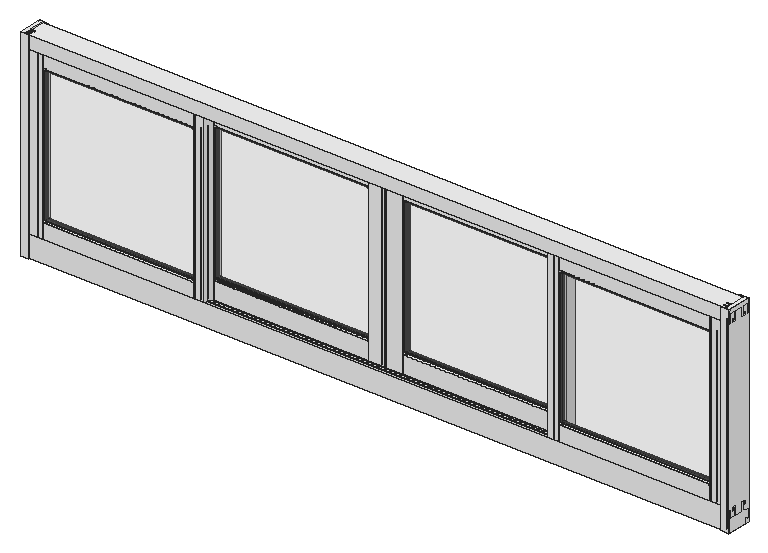
Revit family
Parameters (values of type "EHSW2106 XXXX")
  Height = 590 mm
  Head Height = 2125 mm
  Default Sill Height = Head Height - Height  # 1535 mm
  Wall Closure = (empty or 0)
  Width = 2090 mm
Reference planes
  plane 1 "Center (Front/Back)": y = 0
  plane 2 "Center (Left/Right)": x = 0
  plane 3 "Left": x = -1045
  plane 4 "Right": x = 1045
  plane 5 "Sill": z = 1535
  plane 6 "Head": z = 2125
  plane 7 "Exterior": y = 115
  plane 8 "Interior": y = -115
  plane 9: y = -30.5
  plane 10: x = -522.5
  plane 11: x = 522.5
  plane 12: z = 1830
Forms (mm)
  Sweep 1, solid, material "Default Frame"
    path origin (0, 100, 0) x (1, 0, 0) y (0, 0, 1)
      loop
        line (1045, 2125) -> (-1045, 2125)
    profile origin (0, 100, 2125) x (0, 0, -1) y (0, -1, 0)
      loop
        line (0, 133.5) -> (0, 66.5) -> (38, 66.5) -> (38, 68) -> (11.9, 68) -> (11.9, 85.6) -> (36.6, 85.6) -> (36.6, 79.4) -> (29, 79.4) -> (29, 78) -> (38, 78) -> (38, 87) -> (11.9, 87) -> (11.9, 113) -> (38, 113) -> (38, 122) -> (29, 122) -> (29, 120.6) -> (36.6, 120.6) -> (36.6, 114.4) -> (11.9, 114.4) -> (11.9, 132) -> (38, 132) -> (38, 133.5) -> (0, 133.5)
  Extrusion 2, solid, material "Glass"
    sketch origin (-38.22, 19, 49.421) x (-1, 0, 0) y (0, 0, -1)
      loop
        line (476.831, -2001.17) -> (476.831, -1585.988) -> (4.188, -1585.988) -> (4.188, -2001.17) -> (476.831, -2001.17)
    from 0 to 3
  Sweep 3, solid, material "Rubber seal"
    path origin (67.649, -80.5, 5.869) x (-1, 0, 0) y (0, 0, 1)
      loop
        line (650.909, 2112.931) -> (42.599, 2112.931) -> (42.599, 1561.331) -> (650.909, 1561.331) -> (650.909, 2112.931)
    profile origin (-279.105, -80.5, 2118.8) x (0, 0, -1) y (0, 1, 0)
      loop
        line (75.293, 102.922) -> (68.209, 102.922) -> (68.209, 99.5) -> (78.715, 99.5) -> (75.293, 102.922)
      loop
        line (78.715, 96.5) -> (68.209, 96.5) -> (68.209, 92.922) -> (76.245, 92.922) -> (78.715, 96.5)
  Sweep 4, solid, material "Default Frame"
    path origin (0, 100, 0) x (1, 0, 0) y (0, 0, 1)
      loop
        line (-1045, 1535) -> (-1045, 2125)
    profile origin (-1045, 100, 1830) x (-1, 0, 0) y (0, -1, 0)
      loop
        line (0, 64.85) -> (0, 135.15) -> (-24.5, 135.15) -> (-24.5, 133.65) -> (-11.5, 133.65) -> (-11.5, 126) -> (-17, 126) -> (-24.5, 123.5) -> (-24.5, 122.182) -> (-18.2, 124.282) -> (-18.2, 122.25) -> (-16.936, 122.25)
        arc (-16.936, 122.25) -> (-16.581, 123.975) -> (-15, 124.75) r 2
        line (-15, 124.75) -> (-11.5, 124.75) -> (-11.5, 110.25) -> (-15, 110.25)
        arc (-15, 110.25) -> (-16.581, 111.025) -> (-16.936, 112.75) r 2
        line (-16.936, 112.75) -> (-18.2, 112.75) -> (-18.2, 110.718) -> (-24.5, 112.818) -> (-24.5, 111.5) -> (-17, 109) -> (-11.5, 109) -> (-11.5, 66.35) -> (-24.5, 66.35) -> (-24.5, 64.85) -> (0, 64.85)
  Sweep 5, solid, material "Default Frame"
    path origin (0, 100, 0) x (1, 0, 0) y (0, 0, 1)
      loop
        line (1045, 1535) -> (-1045, 1535)
    profile origin (0, 100, 1535) x (0, 0, -1) y (0, -1, 0)
      loop
        line (-61.796, 113) -> (-37, 113) -> (-37, 87) -> (-61.794, 87) -> (-62.979, 82.578) -> (-61.796, 78) -> (-54, 78) -> (-54, 79.4) -> (-60.72, 79.4) -> (-61.53, 82.422) -> (-60.723, 85.6) -> (-37, 85.6) -> (-37, 80.77) -> (-35, 66.5) -> (-11.5, 66.5) -> (-11.5, 67.9) -> (-15, 67.9) -> (-15, 78.5) -> (0, 78.5) -> (0, 133.5) -> (-63, 133.5) -> (-63, 132.1) -> (-37, 132.1) -> (-37, 114.4) -> (-60.72, 114.4) -> (-61.53, 117.422) -> (-60.723, 120.6) -> (-54, 120.6) -> (-54, 122) -> (-61.794, 122) -> (-62.979, 117.578) -> (-61.796, 113)
  Sweep 6, solid, material "Default Frame"
    path origin (0, 100, 395) x (1, 0, 0) y (0, 0, 1)
      loop
        line (-49, 1535) -> (-508.5, 1535)
    profile origin (-278.75, 100, 1930) x (0, 0, -1) y (0, -1, 0)
      loop
        line (-167, 93.928) -> (-167, 89.678) -> (-157, 89.678) -> (-157, 92.478) -> (-127.5, 92.478) -> (-127.5, 72.678) -> (-157, 72.678) -> (-157, 75.478) -> (-167, 75.478) -> (-167, 71.228) -> (-117, 71.228)
        arc (-117, 71.228) -> (-114.172, 72.399) -> (-113, 75.228) r 4
        line (-113, 75.228) -> (-113, 77.578) -> (-118.866, 77.578)
        arc (-118.866, 77.578) -> (-118.866, 76.578) -> (-118, 76.078) r 1
        line (-118, 76.078) -> (-114.596, 76.078)
        arc (-114.596, 76.078) -> (-114.918, 73.755) -> (-117, 72.678) r 2.55
        line (-117, 72.678) -> (-126.05, 72.678) -> (-126.05, 92.478) -> (-117, 92.478)
        arc (-117, 92.478) -> (-114.918, 91.4) -> (-114.596, 89.078) r 2.55
        line (-114.596, 89.078) -> (-118, 89.078)
        arc (-118, 89.078) -> (-118.866, 88.578) -> (-118.866, 87.578) r 1
        line (-118.866, 87.578) -> (-113, 87.578) -> (-113, 89.928)
        arc (-113, 89.928) -> (-114.172, 92.756) -> (-117, 93.928) r 4
        line (-117, 93.928) -> (-167, 93.928)
  Sweep 7, solid, material "Default Frame"
    path origin (-1269.25, -100, 0) x (-1, 0, 0) y (0, 0, 1)
      loop
        line (-1195, 1589) -> (-1195, 2097)
    profile origin (-74.25, -100, 1843) x (1, 0, 0) y (0, 1, 0)
      loop
        line (73.5, 130.5) -> (23.5, 130.5) -> (23.5, 129.2) -> (24.5, 129.2) -> (24.5, 122.5) -> (30.366, 122.5)
        arc (30.366, 122.5) -> (30.366, 123.5) -> (29.5, 124) r 1
        line (29.5, 124) -> (26, 124) -> (26, 129) -> (37.5, 129) -> (37.5, 106) -> (26, 106) -> (26, 111) -> (29.5, 111)
        arc (29.5, 111) -> (30.366, 111.5) -> (30.366, 112.5) r 1
        line (30.366, 112.5) -> (24.5, 112.5) -> (24.5, 105.8) -> (23.5, 105.8) -> (23.5, 104.5) -> (73.5, 104.5) -> (73.5, 108) -> (63.5, 108) -> (63.5, 106) -> (62, 106)
        arc (62, 106) -> (60.939, 106.439) -> (60.5, 107.5) r 1.5
        line (60.5, 107.5) -> (60.5, 127.5)
        arc (60.5, 127.5) -> (60.939, 128.561) -> (62, 129) r 1.5
        line (62, 129) -> (63.5, 129) -> (63.5, 127) -> (73.5, 127) -> (73.5, 130.5)
  Sweep 8, solid, material "Default Frame"
    path origin (36, -100, 0) x (1, 0, 0) y (0, 0, -1)
      loop
        line (-520, -1589) -> (-520, -2097)
    profile origin (-484, -100, 1843) x (1, 0, 0) y (0, 1, 0)
      loop
        line (-53.5, 130.5) -> (-53.5, 98) -> (-35, 98)
        arc (-35, 98) -> (-34.503, 98.443) -> (-34.887, 98.987) r 0.5
        line (-34.887, 98.987) -> (-43.5, 100.99) -> (-43.5, 104.5) -> (-23.5, 104.5) -> (-23.5, 105.8) -> (-24.5, 105.8) -> (-24.5, 112.5) -> (-30.366, 112.5)
        arc (-30.366, 112.5) -> (-30.366, 111.5) -> (-29.5, 111) r 1
        line (-29.5, 111) -> (-26, 111) -> (-26, 106) -> (-37.5, 106) -> (-37.5, 129) -> (-26, 129) -> (-26, 124) -> (-29.5, 124)
        arc (-29.5, 124) -> (-30.366, 123.5) -> (-30.366, 122.5) r 1
        line (-30.366, 122.5) -> (-24.5, 122.5) -> (-24.5, 129.2) -> (-23.5, 129.2) -> (-23.5, 130.5) -> (-53.5, 130.5)
  Extrusion 9, solid, material "Glass"
    sketch origin (38.22, -19, 49.421) x (1, 0, 0) y (0, 0, -1)
      loop
        line (-568.129, -2001.17) -> (-568.129, -1585.988) -> (-1029.311, -1585.988) -> (-1029.311, -2001.17) -> (-568.129, -2001.17)
    from 0 to 3
  Sweep 10, solid, material "Default Frame"
    path origin (85, 100, 0) x (1, 0, 0) y (0, 0, 1)
      loop
        line (-1045, 1589) -> (-1045, 2097)
    profile origin (-960, 100, 1843) x (-1, 0, 0) y (0, -1, 0)
      loop
        line (73.5, 130.5) -> (23.5, 130.5) -> (23.5, 129.2) -> (24.5, 129.2) -> (24.5, 122.5) -> (30.366, 122.5)
        arc (30.366, 122.5) -> (30.366, 123.5) -> (29.5, 124) r 1
        line (29.5, 124) -> (26, 124) -> (26, 129) -> (37.5, 129) -> (37.5, 106) -> (26, 106) -> (26, 111) -> (29.5, 111)
        arc (29.5, 111) -> (30.366, 111.5) -> (30.366, 112.5) r 1
        line (30.366, 112.5) -> (24.5, 112.5) -> (24.5, 105.8) -> (23.5, 105.8) -> (23.5, 104.5) -> (73.5, 104.5) -> (73.5, 108) -> (63.5, 108) -> (63.5, 106) -> (62, 106)
        arc (62, 106) -> (60.939, 106.439) -> (60.5, 107.5) r 1.5
        line (60.5, 107.5) -> (60.5, 127.5)
        arc (60.5, 127.5) -> (60.939, 128.561) -> (62, 129) r 1.5
        line (62, 129) -> (63.5, 129) -> (63.5, 127) -> (73.5, 127) -> (73.5, 130.5)
  Sweep 11, solid, material "Default Frame"
    path origin (-1231, 100, 0) x (-1, 0, 0) y (0, 0, -1)
      loop
        line (-670, -1589) -> (-670, -2097)
    profile origin (-561, 100, 1843) x (-1, 0, 0) y (0, -1, 0)
      loop
        line (-53.5, 130.5) -> (-53.5, 98) -> (-35, 98)
        arc (-35, 98) -> (-34.503, 98.443) -> (-34.887, 98.987) r 0.5
        line (-34.887, 98.987) -> (-43.5, 100.99) -> (-43.5, 104.5) -> (-23.5, 104.5) -> (-23.5, 105.8) -> (-24.5, 105.8) -> (-24.5, 112.5) -> (-30.366, 112.5)
        arc (-30.366, 112.5) -> (-30.366, 111.5) -> (-29.5, 111) r 1
        line (-29.5, 111) -> (-26, 111) -> (-26, 106) -> (-37.5, 106) -> (-37.5, 129) -> (-26, 129) -> (-26, 124) -> (-29.5, 124)
        arc (-29.5, 124) -> (-30.366, 123.5) -> (-30.366, 122.5) r 1
        line (-30.366, 122.5) -> (-24.5, 122.5) -> (-24.5, 129.2) -> (-23.5, 129.2) -> (-23.5, 130.5) -> (-53.5, 130.5)
  Sweep 12, solid, material "Default Frame"
    path origin (0, 100, 60) x (1, 0, 0) y (0, 0, 1)
      loop
        line (-49, 1535) -> (-508.5, 1535)
    profile origin (-278.75, 100, 1595) x (0, 0, -1) y (0, -1, 0)
      loop
        arc (-44, 93.928) -> (-46.828, 92.756) -> (-48, 89.928) r 4
        line (-48, 89.928) -> (-48, 87.578) -> (-42.134, 87.578)
        arc (-42.134, 87.578) -> (-42.134, 88.578) -> (-43, 89.078) r 1
        line (-43, 89.078) -> (-46.404, 89.078)
        arc (-46.404, 89.078) -> (-46.082, 91.4) -> (-44, 92.478) r 2.55
        line (-44, 92.478) -> (-34.95, 92.478) -> (-34.95, 72.678) -> (-44, 72.678)
        arc (-44, 72.678) -> (-46.082, 73.755) -> (-46.404, 76.078) r 2.55
        line (-46.404, 76.078) -> (-43, 76.078)
        arc (-43, 76.078) -> (-42.134, 76.578) -> (-42.134, 77.578) r 1
        line (-42.134, 77.578) -> (-48, 77.578) -> (-48, 75.228)
        arc (-48, 75.228) -> (-46.828, 72.399) -> (-44, 71.228) r 4
        line (-44, 71.228) -> (6, 71.228) -> (6, 75.478) -> (-4, 75.478) -> (-4, 72.678) -> (-33.45, 72.678) -> (-33.45, 92.478) -> (-4, 92.478) -> (-4, 89.678) -> (6, 89.678) -> (6, 93.928) -> (-44, 93.928)
  Sweep 13, solid, material "Default Frame"
    path origin (0, -100, 60) x (-1, 0, 0) y (0, 0, 1)
      loop
        line (984.5, 1535) -> (536.5, 1535)
    profile origin (-760.5, -100, 1595) x (0, 0, -1) y (0, 1, 0)
      loop
        arc (-44, 93.928) -> (-46.828, 92.756) -> (-48, 89.928) r 4
        line (-48, 89.928) -> (-48, 87.578) -> (-42.134, 87.578)
        arc (-42.134, 87.578) -> (-42.134, 88.578) -> (-43, 89.078) r 1
        line (-43, 89.078) -> (-46.404, 89.078)
        arc (-46.404, 89.078) -> (-46.082, 91.4) -> (-44, 92.478) r 2.55
        line (-44, 92.478) -> (-34.95, 92.478) -> (-34.95, 72.678) -> (-44, 72.678)
        arc (-44, 72.678) -> (-46.082, 73.755) -> (-46.404, 76.078) r 2.55
        line (-46.404, 76.078) -> (-43, 76.078)
        arc (-43, 76.078) -> (-42.134, 76.578) -> (-42.134, 77.578) r 1
        line (-42.134, 77.578) -> (-48, 77.578) -> (-48, 75.228)
        arc (-48, 75.228) -> (-46.828, 72.399) -> (-44, 71.228) r 4
        line (-44, 71.228) -> (6, 71.228) -> (6, 75.478) -> (-4, 75.478) -> (-4, 72.678) -> (-33.45, 72.678) -> (-33.45, 92.478) -> (-4, 92.478) -> (-4, 89.678) -> (6, 89.678) -> (6, 93.928) -> (-44, 93.928)
  Sweep 14, solid, material "Default Frame"
    path origin (0, -100, 395) x (-1, 0, 0) y (0, 0, 1)
      loop
        line (984.5, 1535) -> (536.5, 1535)
    profile origin (-760.5, -100, 1930) x (0, 0, -1) y (0, 1, 0)
      loop
        line (-167, 93.928) -> (-167, 89.678) -> (-157, 89.678) -> (-157, 92.478) -> (-127.5, 92.478) -> (-127.5, 72.678) -> (-157, 72.678) -> (-157, 75.478) -> (-167, 75.478) -> (-167, 71.228) -> (-117, 71.228)
        arc (-117, 71.228) -> (-114.172, 72.399) -> (-113, 75.228) r 4
        line (-113, 75.228) -> (-113, 77.578) -> (-118.866, 77.578)
        arc (-118.866, 77.578) -> (-118.866, 76.578) -> (-118, 76.078) r 1
        line (-118, 76.078) -> (-114.596, 76.078)
        arc (-114.596, 76.078) -> (-114.918, 73.755) -> (-117, 72.678) r 2.55
        line (-117, 72.678) -> (-126.05, 72.678) -> (-126.05, 92.478) -> (-117, 92.478)
        arc (-117, 92.478) -> (-114.918, 91.4) -> (-114.596, 89.078) r 2.55
        line (-114.596, 89.078) -> (-118, 89.078)
        arc (-118, 89.078) -> (-118.866, 88.578) -> (-118.866, 87.578) r 1
        line (-118.866, 87.578) -> (-113, 87.578) -> (-113, 89.928)
        arc (-113, 89.928) -> (-114.172, 92.756) -> (-117, 93.928) r 4
        line (-117, 93.928) -> (-167, 93.928)
  Sweep 15, solid, material "Rubber seal"
    path origin (-67.649, 80.5, 5.869) x (1, 0, 0) y (0, 0, 1)
      loop
        line (-394.051, 2112.931) -> (-991.651, 2112.931) -> (-991.651, 1561.331) -> (-394.051, 1561.331) -> (-394.051, 2112.931)
    profile origin (-760.5, 80.5, 2118.8) x (0, 0, -1) y (0, -1, 0)
      loop
        line (75.293, 102.922) -> (68.209, 102.922) -> (68.209, 99.5) -> (78.715, 99.5) -> (75.293, 102.922)
      loop
        line (78.715, 96.5) -> (68.209, 96.5) -> (68.209, 92.922) -> (76.245, 92.922) -> (78.715, 96.5)
  Sweep 16, solid, material "Default Frame"
    path origin (-1251.096, -100, 0) x (-1, 0, 0) y (0, 0, 1)
      loop
        line (-1195, 1589) -> (-1195, 2097)
    profile origin (-56.096, -100, 1843) x (1, 0, 0) y (0, 1, 0)
      loop
        line (49.846, 126) -> (42.346, 123.5) -> (42.346, 122.182) -> (48.646, 124.282) -> (48.646, 122.25) -> (49.91, 122.25)
        arc (49.91, 122.25) -> (50.265, 123.975) -> (51.846, 124.75) r 2
        line (51.846, 124.75) -> (55.346, 124.75) -> (55.346, 110.25) -> (51.846, 110.25)
        arc (51.846, 110.25) -> (50.265, 111.025) -> (49.91, 112.75) r 2
        line (49.91, 112.75) -> (48.646, 112.75) -> (48.646, 110.718) -> (42.346, 112.818) -> (42.346, 111.5) -> (49.846, 109) -> (55.346, 109) -> (55.346, 103.75) -> (56.846, 103.75) -> (56.846, 109.15) -> (59.846, 109.15) -> (59.846, 110.35) -> (56.846, 110.35) -> (56.846, 113.8) -> (69.846, 113.8) -> (69.846, 115) -> (57.346, 115) -> (57.346, 120) -> (69.846, 120) -> (69.846, 121.2) -> (56.846, 121.2) -> (56.846, 124.65) -> (59.846, 124.65) -> (59.846, 125.85) -> (56.846, 125.85) -> (56.846, 131.25) -> (55.346, 131.25) -> (55.346, 126) -> (49.846, 126)
  Extrusion 17, solid, material "Glass"
    sketch origin (38.22, 19, 49.421) x (1, 0, 0) y (0, 0, 1)
      loop
        line (476.831, 2001.17) -> (4.188, 2001.17) -> (4.188, 1585.988) -> (476.831, 1585.988) -> (476.831, 2001.17)
    from 0 to 3
  Sweep 18, solid, material "Rubber seal"
    path origin (-67.649, -80.5, 5.869) x (1, 0, 0) y (0, 0, -1)
      loop
        line (650.909, -2112.931) -> (650.909, -1561.331) -> (42.599, -1561.331) -> (42.599, -2112.931) -> (650.909, -2112.931)
    profile origin (279.105, -80.5, 2118.8) x (0, 0, 1) y (0, 1, 0)
      loop
        line (-75.293, 102.922) -> (-78.715, 99.5) -> (-68.209, 99.5) -> (-68.209, 102.922) -> (-75.293, 102.922)
      loop
        line (-78.715, 96.5) -> (-76.245, 92.922) -> (-68.209, 92.922) -> (-68.209, 96.5) -> (-78.715, 96.5)
  Sweep 19, solid, material "Default Frame"
    path origin (0, 100, 395) x (-1, 0, 0) y (0, 0, -1)
      loop
        line (-49, -1535) -> (-508.5, -1535)
    profile origin (278.75, 100, 1930) x (0, 0, 1) y (0, -1, 0)
      loop
        line (167, 93.928) -> (117, 93.928)
        arc (117, 93.928) -> (114.172, 92.756) -> (113, 89.928) r 4
        line (113, 89.928) -> (113, 87.578) -> (118.866, 87.578)
        arc (118.866, 87.578) -> (118.866, 88.578) -> (118, 89.078) r 1
        line (118, 89.078) -> (114.596, 89.078)
        arc (114.596, 89.078) -> (114.918, 91.4) -> (117, 92.478) r 2.55
        line (117, 92.478) -> (126.05, 92.478) -> (126.05, 72.678) -> (117, 72.678)
        arc (117, 72.678) -> (114.918, 73.755) -> (114.596, 76.078) r 2.55
        line (114.596, 76.078) -> (118, 76.078)
        arc (118, 76.078) -> (118.866, 76.578) -> (118.866, 77.578) r 1
        line (118.866, 77.578) -> (113, 77.578) -> (113, 75.228)
        arc (113, 75.228) -> (114.172, 72.399) -> (117, 71.228) r 4
        line (117, 71.228) -> (167, 71.228) -> (167, 75.478) -> (157, 75.478) -> (157, 72.678) -> (127.5, 72.678) -> (127.5, 92.478) -> (157, 92.478) -> (157, 89.678) -> (167, 89.678) -> (167, 93.928)
  Sweep 20, solid, material "Default Frame"
    path origin (1269.25, -100, 0) x (1, 0, 0) y (0, 0, -1)
      loop
        line (-1195, -1589) -> (-1195, -2097)
    profile origin (74.25, -100, 1843) x (1, 0, 0) y (0, 1, 0)
      loop
        line (-73.5, 130.5) -> (-73.5, 127) -> (-63.5, 127) -> (-63.5, 129) -> (-62, 129)
        arc (-62, 129) -> (-60.939, 128.561) -> (-60.5, 127.5) r 1.5
        line (-60.5, 127.5) -> (-60.5, 107.5)
        arc (-60.5, 107.5) -> (-60.939, 106.439) -> (-62, 106) r 1.5
        line (-62, 106) -> (-63.5, 106) -> (-63.5, 108) -> (-73.5, 108) -> (-73.5, 104.5) -> (-23.5, 104.5) -> (-23.5, 105.8) -> (-24.5, 105.8) -> (-24.5, 112.5) -> (-30.366, 112.5)
        arc (-30.366, 112.5) -> (-30.366, 111.5) -> (-29.5, 111) r 1
        line (-29.5, 111) -> (-26, 111) -> (-26, 106) -> (-37.5, 106) -> (-37.5, 129) -> (-26, 129) -> (-26, 124) -> (-29.5, 124)
        arc (-29.5, 124) -> (-30.366, 123.5) -> (-30.366, 122.5) r 1
        line (-30.366, 122.5) -> (-24.5, 122.5) -> (-24.5, 129.2) -> (-23.5, 129.2) -> (-23.5, 130.5) -> (-73.5, 130.5)
  Sweep 21, solid, material "Default Frame"
    path origin (-36, -100, 0) x (-1, 0, 0) y (0, 0, 1)
      loop
        line (-520, 1589) -> (-520, 2097)
    profile origin (484, -100, 1843) x (1, 0, 0) y (0, 1, 0)
      loop
        line (53.5, 130.5) -> (23.5, 130.5) -> (23.5, 129.2) -> (24.5, 129.2) -> (24.5, 122.5) -> (30.366, 122.5)
        arc (30.366, 122.5) -> (30.366, 123.5) -> (29.5, 124) r 1
        line (29.5, 124) -> (26, 124) -> (26, 129) -> (37.5, 129) -> (37.5, 106) -> (26, 106) -> (26, 111) -> (29.5, 111)
        arc (29.5, 111) -> (30.366, 111.5) -> (30.366, 112.5) r 1
        line (30.366, 112.5) -> (24.5, 112.5) -> (24.5, 105.8) -> (23.5, 105.8) -> (23.5, 104.5) -> (43.5, 104.5) -> (43.5, 100.99) -> (34.887, 98.987)
        arc (34.887, 98.987) -> (34.503, 98.443) -> (35, 98) r 0.5
        line (35, 98) -> (53.5, 98) -> (53.5, 130.5)
  Extrusion 22, solid, material "Glass"
    sketch origin (-38.22, -19, 49.421) x (-1, 0, 0) y (0, 0, 1)
      loop
        line (-568.129, 2001.17) -> (-1029.311, 2001.17) -> (-1029.311, 1585.988) -> (-568.129, 1585.988) -> (-568.129, 2001.17)
    from 0 to 3
  Sweep 23, solid, material "Default Frame"
    path origin (-85, 100, 0) x (-1, 0, 0) y (0, 0, -1)
      loop
        line (-1045, -1589) -> (-1045, -2097)
    profile origin (960, 100, 1843) x (-1, 0, 0) y (0, -1, 0)
      loop
        line (-73.5, 130.5) -> (-73.5, 127) -> (-63.5, 127) -> (-63.5, 129) -> (-62, 129)
        arc (-62, 129) -> (-60.939, 128.561) -> (-60.5, 127.5) r 1.5
        line (-60.5, 127.5) -> (-60.5, 107.5)
        arc (-60.5, 107.5) -> (-60.939, 106.439) -> (-62, 106) r 1.5
        line (-62, 106) -> (-63.5, 106) -> (-63.5, 108) -> (-73.5, 108) -> (-73.5, 104.5) -> (-23.5, 104.5) -> (-23.5, 105.8) -> (-24.5, 105.8) -> (-24.5, 112.5) -> (-30.366, 112.5)
        arc (-30.366, 112.5) -> (-30.366, 111.5) -> (-29.5, 111) r 1
        line (-29.5, 111) -> (-26, 111) -> (-26, 106) -> (-37.5, 106) -> (-37.5, 129) -> (-26, 129) -> (-26, 124) -> (-29.5, 124)
        arc (-29.5, 124) -> (-30.366, 123.5) -> (-30.366, 122.5) r 1
        line (-30.366, 122.5) -> (-24.5, 122.5) -> (-24.5, 129.2) -> (-23.5, 129.2) -> (-23.5, 130.5) -> (-73.5, 130.5)
  Sweep 24, solid, material "Default Frame"
    path origin (1231, 100, 0) x (1, 0, 0) y (0, 0, 1)
      loop
        line (-670, 1589) -> (-670, 2097)
    profile origin (561, 100, 1843) x (-1, 0, 0) y (0, -1, 0)
      loop
        line (53.5, 130.5) -> (23.5, 130.5) -> (23.5, 129.2) -> (24.5, 129.2) -> (24.5, 122.5) -> (30.366, 122.5)
        arc (30.366, 122.5) -> (30.366, 123.5) -> (29.5, 124) r 1
        line (29.5, 124) -> (26, 124) -> (26, 129) -> (37.5, 129) -> (37.5, 106) -> (26, 106) -> (26, 111) -> (29.5, 111)
        arc (29.5, 111) -> (30.366, 111.5) -> (30.366, 112.5) r 1
        line (30.366, 112.5) -> (24.5, 112.5) -> (24.5, 105.8) -> (23.5, 105.8) -> (23.5, 104.5) -> (43.5, 104.5) -> (43.5, 100.99) -> (34.887, 98.987)
        arc (34.887, 98.987) -> (34.503, 98.443) -> (35, 98) r 0.5
        line (35, 98) -> (53.5, 98) -> (53.5, 130.5)
  Sweep 25, solid, material "Default Frame"
    path origin (0, 100, 60) x (-1, 0, 0) y (0, 0, -1)
      loop
        line (-49, -1535) -> (-508.5, -1535)
    profile origin (278.75, 100, 1595) x (0, 0, 1) y (0, -1, 0)
      loop
        line (44, 93.928) -> (-6, 93.928) -> (-6, 89.678) -> (4, 89.678) -> (4, 92.478) -> (33.45, 92.478) -> (33.45, 72.678) -> (4, 72.678) -> (4, 75.478) -> (-6, 75.478) -> (-6, 71.228) -> (44, 71.228)
        arc (44, 71.228) -> (46.828, 72.399) -> (48, 75.228) r 4
        line (48, 75.228) -> (48, 77.578) -> (42.134, 77.578)
        arc (42.134, 77.578) -> (42.134, 76.578) -> (43, 76.078) r 1
        line (43, 76.078) -> (46.404, 76.078)
        arc (46.404, 76.078) -> (46.082, 73.755) -> (44, 72.678) r 2.55
        line (44, 72.678) -> (34.95, 72.678) -> (34.95, 92.478) -> (44, 92.478)
        arc (44, 92.478) -> (46.082, 91.4) -> (46.404, 89.078) r 2.55
        line (46.404, 89.078) -> (43, 89.078)
        arc (43, 89.078) -> (42.134, 88.578) -> (42.134, 87.578) r 1
        line (42.134, 87.578) -> (48, 87.578) -> (48, 89.928)
        arc (48, 89.928) -> (46.828, 92.756) -> (44, 93.928) r 4
  Sweep 26, solid, material "Default Frame"
    path origin (0, -100, 60) x (1, 0, 0) y (0, 0, -1)
      loop
        line (984.5, -1535) -> (536.5, -1535)
    profile origin (760.5, -100, 1595) x (0, 0, 1) y (0, 1, 0)
      loop
        line (44, 93.928) -> (-6, 93.928) -> (-6, 89.678) -> (4, 89.678) -> (4, 92.478) -> (33.45, 92.478) -> (33.45, 72.678) -> (4, 72.678) -> (4, 75.478) -> (-6, 75.478) -> (-6, 71.228) -> (44, 71.228)
        arc (44, 71.228) -> (46.828, 72.399) -> (48, 75.228) r 4
        line (48, 75.228) -> (48, 77.578) -> (42.134, 77.578)
        arc (42.134, 77.578) -> (42.134, 76.578) -> (43, 76.078) r 1
        line (43, 76.078) -> (46.404, 76.078)
        arc (46.404, 76.078) -> (46.082, 73.755) -> (44, 72.678) r 2.55
        line (44, 72.678) -> (34.95, 72.678) -> (34.95, 92.478) -> (44, 92.478)
        arc (44, 92.478) -> (46.082, 91.4) -> (46.404, 89.078) r 2.55
        line (46.404, 89.078) -> (43, 89.078)
        arc (43, 89.078) -> (42.134, 88.578) -> (42.134, 87.578) r 1
        line (42.134, 87.578) -> (48, 87.578) -> (48, 89.928)
        arc (48, 89.928) -> (46.828, 92.756) -> (44, 93.928) r 4
  Sweep 27, solid, material "Default Frame"
    path origin (0, -100, 395) x (1, 0, 0) y (0, 0, -1)
      loop
        line (984.5, -1535) -> (536.5, -1535)
    profile origin (760.5, -100, 1930) x (0, 0, 1) y (0, 1, 0)
      loop
        line (167, 93.928) -> (117, 93.928)
        arc (117, 93.928) -> (114.172, 92.756) -> (113, 89.928) r 4
        line (113, 89.928) -> (113, 87.578) -> (118.866, 87.578)
        arc (118.866, 87.578) -> (118.866, 88.578) -> (118, 89.078) r 1
        line (118, 89.078) -> (114.596, 89.078)
        arc (114.596, 89.078) -> (114.918, 91.4) -> (117, 92.478) r 2.55
        line (117, 92.478) -> (126.05, 92.478) -> (126.05, 72.678) -> (117, 72.678)
        arc (117, 72.678) -> (114.918, 73.755) -> (114.596, 76.078) r 2.55
        line (114.596, 76.078) -> (118, 76.078)
        arc (118, 76.078) -> (118.866, 76.578) -> (118.866, 77.578) r 1
        line (118.866, 77.578) -> (113, 77.578) -> (113, 75.228)
        arc (113, 75.228) -> (114.172, 72.399) -> (117, 71.228) r 4
        line (117, 71.228) -> (167, 71.228) -> (167, 75.478) -> (157, 75.478) -> (157, 72.678) -> (127.5, 72.678) -> (127.5, 92.478) -> (157, 92.478) -> (157, 89.678) -> (167, 89.678) -> (167, 93.928)
  Sweep 28, solid, material "Rubber seal"
    path origin (67.649, 80.5, 5.869) x (-1, 0, 0) y (0, 0, -1)
      loop
        line (-394.051, -2112.931) -> (-394.051, -1561.331) -> (-991.651, -1561.331) -> (-991.651, -2112.931) -> (-394.051, -2112.931)
    profile origin (760.5, 80.5, 2118.8) x (0, 0, 1) y (0, -1, 0)
      loop
        line (-75.293, 102.922) -> (-78.715, 99.5) -> (-68.209, 99.5) -> (-68.209, 102.922) -> (-75.293, 102.922)
      loop
        line (-78.715, 96.5) -> (-76.245, 92.922) -> (-68.209, 92.922) -> (-68.209, 96.5) -> (-78.715, 96.5)
  Sweep 29, solid, material "Default Frame"
    path origin (0, 100, 0) x (-1, 0, 0) y (0, 0, -1)
      loop
        line (-1045, -1535) -> (-1045, -2125)
    profile origin (1045, 100, 1830) x (-1, 0, 0) y (0, -1, 0)
      loop
        line (0, 64.85) -> (24.5, 64.85) -> (24.5, 66.35) -> (11.5, 66.35) -> (11.5, 109) -> (17, 109) -> (24.5, 111.5) -> (24.5, 112.818) -> (18.2, 110.718) -> (18.2, 112.75) -> (16.936, 112.75)
        arc (16.936, 112.75) -> (16.581, 111.025) -> (15, 110.25) r 2
        line (15, 110.25) -> (11.5, 110.25) -> (11.5, 124.75) -> (15, 124.75)
        arc (15, 124.75) -> (16.581, 123.975) -> (16.936, 122.25) r 2
        line (16.936, 122.25) -> (18.2, 122.25) -> (18.2, 124.282) -> (24.5, 122.182) -> (24.5, 123.5) -> (17, 126) -> (11.5, 126) -> (11.5, 133.65) -> (24.5, 133.65) -> (24.5, 135.15) -> (0, 135.15) -> (0, 64.85)
Lines and regions (mm)
  Opening 1
    outline origin (3500, -115, 0) x (1, 0, 0) y (0, 0, 1)
      loop
        line (-2455, 1535) -> (-2455, 2125) -> (-4545, 2125) -> (-4545, 1535) -> (-2455, 1535)
Text (mm)
  text "EXTERIOR" at (-1963.203, 1332.353, 0), in view "Ref. Level"
  text "INTERIOR" at (-1981.466, -818.386, 0), in view "Ref. Level"
  text "Exterior" at (0, 923.751, 2943.296), in view "Right"
  text "Exterior" at (0, 1040.484, 2685.409), in view "Left"
Dimensions and locks
  equal spacing: plane 3 "Left", plane 2 "Center (Left/Right)", plane 4 "Right"
  "Width": plane 3 "Left" to plane 4 "Right"
  "Height": plane 5 "Sill" to plane 6 "Head"
  "Default Sill Height": plane 5 "Sill" to level
  locked: plane 7 "Exterior" to host wall at 0
  locked: plane 8 "Interior" to host wall
  locked: Sweep 6 to Sweep 3 sketch curve at 75.8
  locked: Sweep 7 to Sweep 3 sketch curve at 75.8
  locked: Sweep 8 to Sweep 3 sketch curve at 75.76
  equal spacing: plane 3 "Left", plane 10, plane 2 "Center (Left/Right)"
  equal spacing: plane 2 "Center (Left/Right)", plane 11, plane 4 "Right"
  locked: Sweep 14 to Sweep 15 sketch curve at 75.8
  locked: Sweep 10 to Sweep 15 sketch curve at 75.8
  locked: Sweep 15 sketch curve to Sweep 13 at 75.8
  locked: Sweep 8 to Sweep 15 sketch curve at 75.8
  locked: Sweep 7 to plane 2 "Center (Left/Right)" at 13.75
  locked: Sweep 8 to plane 10 at 15
  locked: plane 10 to Sweep 11 at 15
  locked: Sweep 18 sketch curve to Sweep 19 at 75.8
  locked: Sweep 20 to Sweep 18 sketch curve at 75.8
  locked: Sweep 21 to Sweep 18 sketch curve at 75.76
  locked: Sweep 28 sketch curve to Sweep 27 at 75.8
  locked: Sweep 23 to Sweep 28 sketch curve at 75.8
  locked: Sweep 26 to Sweep 28 sketch curve at 75.8
  locked: Sweep 21 to Sweep 28 sketch curve at 75.8
  equal spacing: plane 3 "Left", nested 2, plane 10
  equal spacing: plane 10, nested 1, plane 2 "Center (Left/Right)"
  equal spacing: plane 2 "Center (Left/Right)", nested 3, plane 11
  equal spacing: plane 11, nested 4, plane 4 "Right"
  equal spacing: plane 5 "Sill", plane 12, plane 6 "Head"
  equal spacing: plane 11, nested 5, plane 4 "Right"
  equal spacing: plane 11, nested 6, plane 2 "Center (Left/Right)"
  equal spacing: plane 10, nested 8, plane 2 "Center (Left/Right)"
  equal spacing: plane 3 "Left", nested 7, plane 10
  aligned and locked: Sweep 15 to Extrusion 9
  aligned and locked: Sweep 3 to Extrusion 2
  aligned and locked: Sweep 28 to Extrusion 22
  aligned and locked: Sweep 18 to Extrusion 17
  aligned and locked: plane 12 to nested 5
  aligned and locked: nested 7 to plane 12
  aligned and locked: plane 12 to nested 8
  aligned and locked: nested 6 to plane 12
Automatic sketch dimensions
  Opening 1 sketch curve to plane 3 "Left" = 0 mm
  Opening 1 sketch curve to plane 4 "Right" = 0 mm
  Opening 1 sketch curve to plane 5 "Sill" = 0 mm
  Opening 1 sketch curve to plane 6 "Head" = 0 mm
  Sweep 1 sketch curve to plane 3 "Left" = 0 mm
  Sweep 1 sketch curve to plane 4 "Right" = 0 mm
  Sweep 1 sketch curve to plane 6 "Head" = 0 mm
  Sweep 1 sketch curve to profile plane = 0 mm
  Sweep 1 sketch curve to profile plane = 11.9 mm  (x2)
  Sweep 1 sketch curve to Sweep 1 sketch curve = 0 mm  (x3)
  Sweep 1 sketch curve to Sweep 1 sketch curve = 17.1 mm  (x2)
  Sweep 1 sketch curve to Sweep 1 sketch curve = 7.6 mm  (x2)
  Sweep 1 sketch curve to Sweep 1 sketch curve = 1.4 mm  (x6)
  profile plane to Sweep 1 sketch curve = 66.5 mm
  Sweep 1 sketch curve to Sweep 1 sketch curve = 1.5 mm  (x2)
  Sweep 1 sketch curve to Sweep 1 sketch curve = 10 mm  (x2)
  Sweep 1 sketch curve to Sweep 1 sketch curve = 6.2 mm  (x2)
  Sweep 1 sketch curve to Sweep 1 sketch curve = 26 mm
  plane 2 "Center (Left/Right)" to Extrusion 2 sketch curve = 42.409 mm
  Extrusion 2 sketch curve to plane 10 = 7.448 mm
  plane 6 "Head" to Extrusion 2 sketch curve = 74.409 mm
  Extrusion 2 sketch curve to plane 5 "Sill" = 100.409 mm
  Sweep 3 sketch curve to plane 5 "Sill" = 32.2 mm
  Sweep 3 sketch curve to profile plane = 68.209 mm
  Sweep 3 sketch curve to Sweep 3 sketch curve = 0 mm  (x2)
  Sweep 3 sketch curve to Sweep 3 sketch curve = 7.084 mm
  Sweep 3 sketch curve to Sweep 3 sketch curve = 8.036 mm
  Sweep 3 sketch curve to Sweep 3 sketch curve = 3.422 mm  (x2)
  profile plane to Sweep 3 sketch curve = 92.922 mm
  Sweep 3 sketch curve to Sweep 3 sketch curve = 3.578 mm
  Sweep 3 sketch curve to Sweep 3 sketch curve = 3 mm
  Sweep 4 sketch curve to plane 3 "Left" = 0 mm
  Sweep 4 sketch curve to plane 5 "Sill" = 0 mm
  Sweep 4 sketch curve to plane 6 "Head" = 0 mm
  Sweep 4 sketch curve to profile plane = 0 mm
  profile plane to Sweep 4 sketch curve = 11.5 mm  (x2)
  Sweep 4 sketch curve to Sweep 4 sketch curve = 0 mm  (x2)
  Sweep 4 sketch curve to Sweep 4 sketch curve = 3.5 mm  (x2)
  Sweep 4 sketch curve to Sweep 4 sketch curve = 1.936 mm  (x2)
  Sweep 4 sketch curve to Sweep 4 sketch curve = 2 mm  (x3)
  Sweep 4 sketch curve to Sweep 4 sketch curve = 1.264 mm
  Sweep 4 sketch curve to Sweep 4 sketch curve = 1.2 mm
  Sweep 4 sketch curve to Sweep 4 sketch curve = 6.3 mm  (x2)
  Sweep 4 sketch curve to Sweep 4 sketch curve = 13 mm
  profile plane to Sweep 4 sketch curve = 64.85 mm
  Sweep 4 sketch curve to Sweep 4 sketch curve = 1.5 mm  (x2)
  Sweep 4 sketch curve to Sweep 4 sketch curve = 42.65 mm
  Sweep 4 sketch curve to Sweep 4 sketch curve = 1.25 mm  (x2)
  Sweep 4 sketch curve to Sweep 4 sketch curve = 1.718 mm
  Sweep 4 sketch curve to Sweep 4 sketch curve = 0.782 mm
  Sweep 4 sketch curve to Sweep 4 sketch curve = 1.318 mm  (x2)
  Sweep 4 sketch curve to Sweep 4 sketch curve = 9.365 mm
  Sweep 4 sketch curve to Sweep 4 sketch curve = 0.068 mm
  Sweep 4 sketch curve to Sweep 4 sketch curve = 0.5 mm
  Sweep 4 sketch curve to Sweep 4 sketch curve = 2.032 mm
  Sweep 4 sketch curve to Sweep 4 sketch curve = 10.15 mm
  Sweep 5 sketch curve to plane 3 "Left" = 0 mm
  Sweep 5 sketch curve to plane 4 "Right" = 0 mm
  Sweep 5 sketch curve to plane 5 "Sill" = 0 mm
  Sweep 5 sketch curve to profile plane = 0 mm
  profile plane to Sweep 5 sketch curve = 11.5 mm
  Sweep 5 sketch curve to Sweep 5 sketch curve = 3.5 mm
  Sweep 5 sketch curve to Sweep 5 sketch curve = 20 mm
  profile plane to Sweep 5 sketch curve = 37 mm
  Sweep 5 sketch curve to Sweep 5 sketch curve = 0 mm  (x2)
  Sweep 5 sketch curve to Sweep 5 sketch curve = 17 mm  (x2)
  Sweep 5 sketch curve to Sweep 5 sketch curve = 6.72 mm  (x2)
  Sweep 5 sketch curve to Sweep 5 sketch curve = 0.003 mm  (x2)
  Sweep 5 sketch curve to Sweep 5 sketch curve = 0.81 mm  (x2)
  Sweep 5 sketch curve to Sweep 5 sketch curve = 1.071 mm  (x2)
  Sweep 5 sketch curve to Sweep 5 sketch curve = 1.076 mm  (x2)
  Sweep 5 sketch curve to Sweep 5 sketch curve = 1.449 mm  (x2)
  Sweep 5 sketch curve to Sweep 5 sketch curve = 1.206 mm
  profile plane to Sweep 5 sketch curve = 66.5 mm
  Sweep 5 sketch curve to Sweep 5 sketch curve = 1.4 mm  (x6)
  Sweep 5 sketch curve to Sweep 5 sketch curve = 11.5 mm
  Sweep 5 sketch curve to Sweep 5 sketch curve = 10.6 mm
  Sweep 5 sketch curve to Sweep 5 sketch curve = 14.27 mm
  Sweep 5 sketch curve to Sweep 5 sketch curve = 3.022 mm  (x2)
  Sweep 5 sketch curve to Sweep 5 sketch curve = 0.155 mm  (x2)
  Sweep 5 sketch curve to Sweep 5 sketch curve = 3.178 mm  (x2)
  Sweep 5 sketch curve to Sweep 5 sketch curve = 26 mm
  Sweep 5 sketch curve to Sweep 5 sketch curve = 17.7 mm
  Sweep 6 sketch curve to plane 10 = 14 mm
  plane 2 "Center (Left/Right)" to Sweep 6 sketch curve = 49 mm
  plane 6 "Head" to Sweep 6 sketch curve = 195 mm
  Sweep 6 sketch curve to Sweep 6 sketch curve = 0 mm  (x5)
  profile plane to Sweep 6 sketch curve = 167 mm
  Sweep 6 sketch curve to Sweep 6 sketch curve = 10 mm  (x3)
  Sweep 6 sketch curve to Sweep 6 sketch curve = 29.5 mm
  Sweep 6 sketch curve to Sweep 6 sketch curve = 1.45 mm  (x3)
  Sweep 6 sketch curve to Sweep 6 sketch curve = 7.184 mm  (x2)
  Sweep 6 sketch curve to Sweep 6 sketch curve = 0.866 mm  (x2)
  Sweep 6 sketch curve to Sweep 6 sketch curve = 1 mm  (x3)
  Sweep 6 sketch curve to Sweep 6 sketch curve = 2.404 mm  (x2)
  Sweep 6 sketch curve to Sweep 6 sketch curve = 1.596 mm  (x2)
  profile plane to Sweep 6 sketch curve = 71.228 mm
  Sweep 6 sketch curve to Sweep 6 sketch curve = 4.25 mm
  Sweep 6 sketch curve to Sweep 6 sketch curve = 0.5 mm
  Sweep 6 sketch curve to Sweep 6 sketch curve = 14.2 mm
  Sweep 6 sketch curve to Sweep 6 sketch curve = 0.85 mm
  Sweep 6 sketch curve to Sweep 6 sketch curve = 2.8 mm
  plane 6 "Head" to Sweep 7 sketch curve = 28 mm
  plane 2 "Center (Left/Right)" to Sweep 7 sketch curve = 74.25 mm
  Sweep 7 sketch curve to plane 5 "Sill" = 54 mm
  Sweep 7 sketch curve to profile plane = 23.5 mm  (x2)
  Sweep 7 sketch curve to Sweep 7 sketch curve = 1 mm  (x3)
  Sweep 7 sketch curve to Sweep 7 sketch curve = 1.5 mm  (x7)
  Sweep 7 sketch curve to Sweep 7 sketch curve = 3.5 mm  (x3)
  Sweep 7 sketch curve to Sweep 7 sketch curve = 0.866 mm  (x2)
  Sweep 7 sketch curve to Sweep 7 sketch curve = 8 mm
  Sweep 7 sketch curve to Sweep 7 sketch curve = 23 mm
  Sweep 7 sketch curve to Sweep 7 sketch curve = 10 mm  (x3)
  profile plane to Sweep 7 sketch curve = 104.5 mm
  Sweep 7 sketch curve to Sweep 7 sketch curve = 1.3 mm
  Sweep 7 sketch curve to Sweep 7 sketch curve = 0.2 mm  (x2)
  Sweep 7 sketch curve to Sweep 7 sketch curve = 0.5 mm  (x3)
  Sweep 7 sketch curve to Sweep 7 sketch curve = 5 mm  (x2)
  Sweep 7 sketch curve to Sweep 7 sketch curve = 19 mm
  Sweep 8 sketch curve to plane 10 = 38.5 mm
  plane 6 "Head" to Sweep 8 sketch curve = 28 mm
  Sweep 8 sketch curve to plane 5 "Sill" = 54 mm
  profile plane to Sweep 8 sketch curve = 53.5 mm
  Sweep 8 sketch curve to Sweep 8 sketch curve = 10 mm  (x2)
  Sweep 8 sketch curve to Sweep 8 sketch curve = 6 mm
  Sweep 8 sketch curve to Sweep 8 sketch curve = 2.5 mm
  Sweep 8 sketch curve to Sweep 8 sketch curve = 0.113 mm
  Sweep 8 sketch curve to Sweep 8 sketch curve = 7.134 mm  (x2)
  Sweep 8 sketch curve to Sweep 8 sketch curve = 0.866 mm  (x2)
  Sweep 8 sketch curve to Sweep 8 sketch curve = 3.5 mm  (x2)
  Sweep 8 sketch curve to Sweep 8 sketch curve = 1.5 mm  (x2)
  Sweep 8 sketch curve to Sweep 8 sketch curve = 1 mm  (x3)
  profile plane to Sweep 8 sketch curve = 98 mm
  Sweep 8 sketch curve to Sweep 8 sketch curve = 0.5 mm  (x2)
  Sweep 8 sketch curve to Sweep 8 sketch curve = 2.003 mm
  Sweep 8 sketch curve to Sweep 8 sketch curve = 5.513 mm
  Sweep 8 sketch curve to Sweep 8 sketch curve = 1.3 mm  (x2)
  Sweep 8 sketch curve to Sweep 8 sketch curve = 0.2 mm  (x2)
  Sweep 8 sketch curve to Sweep 8 sketch curve = 5 mm  (x2)
  Extrusion 9 sketch curve to plane 3 "Left" = 53.909 mm
  plane 10 to Extrusion 9 sketch curve = 7.409 mm
  plane 6 "Head" to Extrusion 9 sketch curve = 74.409 mm
  Extrusion 9 sketch curve to plane 5 "Sill" = 100.409 mm
  plane 6 "Head" to Sweep 10 sketch curve = 28 mm
  Sweep 10 sketch curve to plane 3 "Left" = 85 mm
  Sweep 10 sketch curve to plane 5 "Sill" = 54 mm
  Sweep 10 sketch curve to profile plane = 23.5 mm  (x2)
  Sweep 10 sketch curve to Sweep 10 sketch curve = 1 mm  (x3)
  Sweep 10 sketch curve to Sweep 10 sketch curve = 1.5 mm  (x7)
  Sweep 10 sketch curve to Sweep 10 sketch curve = 3.5 mm  (x3)
  Sweep 10 sketch curve to Sweep 10 sketch curve = 0.866 mm  (x2)
  Sweep 10 sketch curve to Sweep 10 sketch curve = 8 mm
  Sweep 10 sketch curve to Sweep 10 sketch curve = 23 mm
  Sweep 10 sketch curve to Sweep 10 sketch curve = 10 mm  (x3)
  profile plane to Sweep 10 sketch curve = 104.5 mm
  Sweep 10 sketch curve to Sweep 10 sketch curve = 1.3 mm
  Sweep 10 sketch curve to Sweep 10 sketch curve = 0.2 mm  (x2)
  Sweep 10 sketch curve to Sweep 10 sketch curve = 0.5 mm  (x3)
  Sweep 10 sketch curve to Sweep 10 sketch curve = 5 mm  (x2)
  Sweep 10 sketch curve to Sweep 10 sketch curve = 19 mm
  plane 10 to Sweep 11 sketch curve = 38.5 mm
  plane 6 "Head" to Sweep 11 sketch curve = 28 mm
  Sweep 11 sketch curve to plane 5 "Sill" = 54 mm
  profile plane to Sweep 11 sketch curve = 53.5 mm
  Sweep 11 sketch curve to Sweep 11 sketch curve = 10 mm  (x2)
  Sweep 11 sketch curve to Sweep 11 sketch curve = 6 mm
  Sweep 11 sketch curve to Sweep 11 sketch curve = 2.5 mm
  Sweep 11 sketch curve to Sweep 11 sketch curve = 0.113 mm
  Sweep 11 sketch curve to Sweep 11 sketch curve = 7.134 mm  (x2)
  Sweep 11 sketch curve to Sweep 11 sketch curve = 0.866 mm  (x2)
  Sweep 11 sketch curve to Sweep 11 sketch curve = 3.5 mm  (x2)
  Sweep 11 sketch curve to Sweep 11 sketch curve = 1.5 mm  (x2)
  Sweep 11 sketch curve to Sweep 11 sketch curve = 1 mm  (x3)
  profile plane to Sweep 11 sketch curve = 98 mm
  Sweep 11 sketch curve to Sweep 11 sketch curve = 0.5 mm  (x2)
  Sweep 11 sketch curve to Sweep 11 sketch curve = 2.003 mm
  Sweep 11 sketch curve to Sweep 11 sketch curve = 5.513 mm
  Sweep 11 sketch curve to Sweep 11 sketch curve = 1.3 mm  (x2)
  Sweep 11 sketch curve to Sweep 11 sketch curve = 0.2 mm  (x2)
  Sweep 11 sketch curve to Sweep 11 sketch curve = 5 mm  (x2)
  Sweep 12 sketch curve to plane 10 = 14 mm
  plane 2 "Center (Left/Right)" to Sweep 12 sketch curve = 49 mm
  Sweep 12 sketch curve to plane 5 "Sill" = 60 mm
  Sweep 12 sketch curve to Sweep 12 sketch curve = 0 mm  (x6)
  profile plane to Sweep 12 sketch curve = 48 mm
  Sweep 12 sketch curve to Sweep 12 sketch curve = 1.596 mm  (x2)
  Sweep 12 sketch curve to Sweep 12 sketch curve = 2.404 mm  (x2)
  Sweep 12 sketch curve to Sweep 12 sketch curve = 1 mm  (x3)
  Sweep 12 sketch curve to Sweep 12 sketch curve = 0.866 mm  (x2)
  Sweep 12 sketch curve to Sweep 12 sketch curve = 7.184 mm
  Sweep 12 sketch curve to Sweep 12 sketch curve = 1.5 mm
  profile plane to Sweep 12 sketch curve = 4 mm  (x2)
  Sweep 12 sketch curve to profile plane = 6 mm  (x2)
  profile plane to Sweep 12 sketch curve = 71.228 mm
  Sweep 12 sketch curve to Sweep 12 sketch curve = 1.45 mm  (x2)
  Sweep 12 sketch curve to Sweep 12 sketch curve = 4.25 mm
  Sweep 12 sketch curve to Sweep 12 sketch curve = 10 mm
  Sweep 12 sketch curve to Sweep 12 sketch curve = 0.5 mm
  Sweep 12 sketch curve to Sweep 12 sketch curve = 14.2 mm
  Sweep 12 sketch curve to Sweep 12 sketch curve = 0.85 mm
  plane 10 to Sweep 13 sketch curve = 14 mm
  Sweep 13 sketch curve to plane 3 "Left" = 60.5 mm
  Sweep 13 sketch curve to plane 5 "Sill" = 60 mm
  Sweep 13 sketch curve to Sweep 13 sketch curve = 0 mm  (x6)
  profile plane to Sweep 13 sketch curve = 48 mm
  Sweep 13 sketch curve to Sweep 13 sketch curve = 1.596 mm  (x2)
  Sweep 13 sketch curve to Sweep 13 sketch curve = 2.404 mm  (x2)
  Sweep 13 sketch curve to Sweep 13 sketch curve = 1 mm  (x3)
  Sweep 13 sketch curve to Sweep 13 sketch curve = 0.866 mm  (x2)
  Sweep 13 sketch curve to Sweep 13 sketch curve = 7.184 mm
  Sweep 13 sketch curve to Sweep 13 sketch curve = 1.5 mm
  profile plane to Sweep 13 sketch curve = 4 mm  (x2)
  Sweep 13 sketch curve to profile plane = 6 mm  (x2)
  profile plane to Sweep 13 sketch curve = 71.228 mm
  Sweep 13 sketch curve to Sweep 13 sketch curve = 1.45 mm  (x2)
  Sweep 13 sketch curve to Sweep 13 sketch curve = 4.25 mm
  Sweep 13 sketch curve to Sweep 13 sketch curve = 10 mm
  Sweep 13 sketch curve to Sweep 13 sketch curve = 0.5 mm
  Sweep 13 sketch curve to Sweep 13 sketch curve = 14.2 mm
  Sweep 13 sketch curve to Sweep 13 sketch curve = 0.85 mm
  plane 10 to Sweep 14 sketch curve = 14 mm
  Sweep 14 sketch curve to plane 3 "Left" = 60.5 mm
  plane 6 "Head" to Sweep 14 sketch curve = 195 mm
  Sweep 14 sketch curve to Sweep 14 sketch curve = 0 mm  (x5)
  profile plane to Sweep 14 sketch curve = 167 mm
  Sweep 14 sketch curve to Sweep 14 sketch curve = 10 mm  (x3)
  Sweep 14 sketch curve to Sweep 14 sketch curve = 29.5 mm
  Sweep 14 sketch curve to Sweep 14 sketch curve = 1.45 mm  (x3)
  Sweep 14 sketch curve to Sweep 14 sketch curve = 7.184 mm  (x2)
  Sweep 14 sketch curve to Sweep 14 sketch curve = 0.866 mm  (x2)
  Sweep 14 sketch curve to Sweep 14 sketch curve = 1 mm  (x3)
  Sweep 14 sketch curve to Sweep 14 sketch curve = 2.404 mm  (x2)
  Sweep 14 sketch curve to Sweep 14 sketch curve = 1.596 mm  (x2)
  profile plane to Sweep 14 sketch curve = 71.228 mm
  Sweep 14 sketch curve to Sweep 14 sketch curve = 4.25 mm
  Sweep 14 sketch curve to Sweep 14 sketch curve = 0.5 mm
  Sweep 14 sketch curve to Sweep 14 sketch curve = 14.2 mm
  Sweep 14 sketch curve to Sweep 14 sketch curve = 0.85 mm
  Sweep 14 sketch curve to Sweep 14 sketch curve = 2.8 mm
  Sweep 15 sketch curve to profile plane = 68.209 mm
  Sweep 15 sketch curve to Sweep 15 sketch curve = 0 mm  (x2)
  Sweep 15 sketch curve to Sweep 15 sketch curve = 7.084 mm
  Sweep 15 sketch curve to Sweep 15 sketch curve = 8.036 mm
  Sweep 15 sketch curve to Sweep 15 sketch curve = 3.422 mm  (x2)
  profile plane to Sweep 15 sketch curve = 92.922 mm
  Sweep 15 sketch curve to Sweep 15 sketch curve = 3.578 mm
  Sweep 15 sketch curve to Sweep 15 sketch curve = 3 mm
  plane 6 "Head" to Sweep 16 sketch curve = 28 mm
  plane 2 "Center (Left/Right)" to Sweep 16 sketch curve = 56.096 mm
  Sweep 16 sketch curve to plane 5 "Sill" = 54 mm
  Sweep 16 sketch curve to profile plane = 42.346 mm
  Sweep 16 sketch curve to Sweep 16 sketch curve = 0 mm  (x4)
  Sweep 16 sketch curve to Sweep 16 sketch curve = 6.3 mm  (x2)
  Sweep 16 sketch curve to Sweep 16 sketch curve = 1.2 mm  (x6)
  Sweep 16 sketch curve to Sweep 16 sketch curve = 1.264 mm  (x2)
  Sweep 16 sketch curve to Sweep 16 sketch curve = 1.936 mm
  Sweep 16 sketch curve to Sweep 16 sketch curve = 2 mm  (x2)
  Sweep 16 sketch curve to Sweep 16 sketch curve = 3.5 mm
  Sweep 16 sketch curve to Sweep 16 sketch curve = 1.5 mm  (x4)
  Sweep 16 sketch curve to Sweep 16 sketch curve = 0.5 mm  (x2)
  Sweep 16 sketch curve to Sweep 16 sketch curve = 3 mm  (x2)
  Sweep 16 sketch curve to Sweep 16 sketch curve = 10 mm
  profile plane to Sweep 16 sketch curve = 103.75 mm
  Sweep 16 sketch curve to Sweep 16 sketch curve = 5.25 mm
  Sweep 16 sketch curve to Sweep 16 sketch curve = 0.15 mm
  Sweep 16 sketch curve to Sweep 16 sketch curve = 1.25 mm
  Sweep 16 sketch curve to Sweep 16 sketch curve = 1.718 mm  (x2)
  Sweep 16 sketch curve to Sweep 16 sketch curve = 0.782 mm
  Sweep 16 sketch curve to Sweep 16 sketch curve = 1.318 mm  (x2)
  Sweep 16 sketch curve to Sweep 16 sketch curve = 3.45 mm
  Sweep 16 sketch curve to Sweep 16 sketch curve = 5 mm
  Sweep 16 sketch curve to Sweep 16 sketch curve = 9.365 mm
  Sweep 16 sketch curve to Sweep 16 sketch curve = 0.068 mm
  Sweep 16 sketch curve to Sweep 16 sketch curve = 2.032 mm
  Sweep 16 sketch curve to Sweep 16 sketch curve = 0.1 mm
  Sweep 16 sketch curve to Sweep 16 sketch curve = 5.4 mm
  Extrusion 17 sketch curve to plane 2 "Center (Left/Right)" = 42.409 mm
  Extrusion 17 sketch curve to plane 11 = 7.448 mm
  Extrusion 17 sketch curve to plane 5 "Sill" = 100.409 mm
  plane 6 "Head" to Extrusion 17 sketch curve = 74.409 mm
  Sweep 18 sketch curve to plane 5 "Sill" = 32.2 mm
  profile plane to Sweep 18 sketch curve = 78.715 mm
  Sweep 18 sketch curve to Sweep 18 sketch curve = 0 mm  (x2)
  Sweep 18 sketch curve to Sweep 18 sketch curve = 2.471 mm
  Sweep 18 sketch curve to Sweep 18 sketch curve = 3.422 mm  (x2)
  Sweep 18 sketch curve to Sweep 18 sketch curve = 7.084 mm
  profile plane to Sweep 18 sketch curve = 92.922 mm
  Sweep 18 sketch curve to Sweep 18 sketch curve = 3.578 mm
  Sweep 18 sketch curve to Sweep 18 sketch curve = 3 mm
  Sweep 19 sketch curve to plane 11 = 14 mm
  Sweep 19 sketch curve to plane 2 "Center (Left/Right)" = 49 mm
  plane 6 "Head" to Sweep 19 sketch curve = 195 mm
  Sweep 19 sketch curve to Sweep 19 sketch curve = 0 mm  (x6)
  Sweep 19 sketch curve to profile plane = 113 mm
  Sweep 19 sketch curve to Sweep 19 sketch curve = 1.596 mm  (x2)
  Sweep 19 sketch curve to Sweep 19 sketch curve = 2.404 mm  (x2)
  Sweep 19 sketch curve to Sweep 19 sketch curve = 1 mm  (x3)
  Sweep 19 sketch curve to Sweep 19 sketch curve = 0.866 mm  (x2)
  Sweep 19 sketch curve to Sweep 19 sketch curve = 7.184 mm
  Sweep 19 sketch curve to Sweep 19 sketch curve = 1.45 mm  (x3)
  Sweep 19 sketch curve to Sweep 19 sketch curve = 29.5 mm
  Sweep 19 sketch curve to Sweep 19 sketch curve = 10 mm  (x3)
  profile plane to Sweep 19 sketch curve = 71.228 mm
  Sweep 19 sketch curve to Sweep 19 sketch curve = 4.25 mm
  Sweep 19 sketch curve to Sweep 19 sketch curve = 0.5 mm
  Sweep 19 sketch curve to Sweep 19 sketch curve = 14.2 mm
  Sweep 19 sketch curve to Sweep 19 sketch curve = 0.85 mm
  Sweep 19 sketch curve to Sweep 19 sketch curve = 2.8 mm
  plane 6 "Head" to Sweep 20 sketch curve = 28 mm
  Sweep 20 sketch curve to plane 2 "Center (Left/Right)" = 74.25 mm
  Sweep 20 sketch curve to plane 5 "Sill" = 54 mm
  profile plane to Sweep 20 sketch curve = 73.5 mm
  Sweep 20 sketch curve to Sweep 20 sketch curve = 0 mm
  Sweep 20 sketch curve to Sweep 20 sketch curve = 10 mm  (x3)
  Sweep 20 sketch curve to Sweep 20 sketch curve = 1.5 mm  (x6)
  Sweep 20 sketch curve to Sweep 20 sketch curve = 23 mm
  Sweep 20 sketch curve to Sweep 20 sketch curve = 7.134 mm  (x2)
  Sweep 20 sketch curve to Sweep 20 sketch curve = 0.866 mm  (x2)
  Sweep 20 sketch curve to Sweep 20 sketch curve = 3.5 mm  (x3)
  Sweep 20 sketch curve to Sweep 20 sketch curve = 1 mm  (x3)
  profile plane to Sweep 20 sketch curve = 104.5 mm
  Sweep 20 sketch curve to Sweep 20 sketch curve = 1.3 mm
  Sweep 20 sketch curve to Sweep 20 sketch curve = 0.2 mm  (x2)
  Sweep 20 sketch curve to Sweep 20 sketch curve = 0.5 mm  (x3)
  Sweep 20 sketch curve to Sweep 20 sketch curve = 5 mm  (x2)
  Sweep 20 sketch curve to Sweep 20 sketch curve = 19 mm
  Sweep 21 sketch curve to plane 11 = 38.5 mm
  Sweep 21 sketch curve to plane 5 "Sill" = 54 mm
  plane 6 "Head" to Sweep 21 sketch curve = 28 mm
  Sweep 21 sketch curve to profile plane = 23.5 mm  (x2)
  Sweep 21 sketch curve to Sweep 21 sketch curve = 1 mm  (x3)
  Sweep 21 sketch curve to Sweep 21 sketch curve = 1.5 mm  (x2)
  Sweep 21 sketch curve to Sweep 21 sketch curve = 3.5 mm  (x2)
  Sweep 21 sketch curve to Sweep 21 sketch curve = 0.866 mm  (x2)
  Sweep 21 sketch curve to Sweep 21 sketch curve = 8.887 mm
  Sweep 21 sketch curve to Sweep 21 sketch curve = 0.113 mm
  Sweep 21 sketch curve to Sweep 21 sketch curve = 2.613 mm
  Sweep 21 sketch curve to Sweep 21 sketch curve = 6 mm
  Sweep 21 sketch curve to Sweep 21 sketch curve = 16 mm
  profile plane to Sweep 21 sketch curve = 98 mm
  Sweep 21 sketch curve to Sweep 21 sketch curve = 0.5 mm  (x2)
  Sweep 21 sketch curve to Sweep 21 sketch curve = 2.003 mm
  Sweep 21 sketch curve to Sweep 21 sketch curve = 5.513 mm
  Sweep 21 sketch curve to Sweep 21 sketch curve = 1.3 mm  (x2)
  Sweep 21 sketch curve to Sweep 21 sketch curve = 0.2 mm  (x2)
  Sweep 21 sketch curve to Sweep 21 sketch curve = 5 mm  (x2)
  Sweep 21 sketch curve to Sweep 21 sketch curve = 10 mm
  plane 4 "Right" to Extrusion 22 sketch curve = 53.909 mm
  plane 11 to Extrusion 22 sketch curve = 7.409 mm
  Extrusion 22 sketch curve to plane 5 "Sill" = 100.409 mm
  plane 6 "Head" to Extrusion 22 sketch curve = 74.409 mm
  plane 6 "Head" to Sweep 23 sketch curve = 28 mm
  plane 4 "Right" to Sweep 23 sketch curve = 85 mm
  Sweep 23 sketch curve to plane 5 "Sill" = 54 mm
  profile plane to Sweep 23 sketch curve = 73.5 mm
  Sweep 23 sketch curve to Sweep 23 sketch curve = 0 mm
  Sweep 23 sketch curve to Sweep 23 sketch curve = 10 mm  (x3)
  Sweep 23 sketch curve to Sweep 23 sketch curve = 1.5 mm  (x6)
  Sweep 23 sketch curve to Sweep 23 sketch curve = 23 mm
  Sweep 23 sketch curve to Sweep 23 sketch curve = 7.134 mm  (x2)
  Sweep 23 sketch curve to Sweep 23 sketch curve = 0.866 mm  (x2)
  Sweep 23 sketch curve to Sweep 23 sketch curve = 3.5 mm  (x3)
  Sweep 23 sketch curve to Sweep 23 sketch curve = 1 mm  (x3)
  profile plane to Sweep 23 sketch curve = 104.5 mm
  Sweep 23 sketch curve to Sweep 23 sketch curve = 1.3 mm
  Sweep 23 sketch curve to Sweep 23 sketch curve = 0.2 mm  (x2)
  Sweep 23 sketch curve to Sweep 23 sketch curve = 0.5 mm  (x3)
  Sweep 23 sketch curve to Sweep 23 sketch curve = 5 mm  (x2)
  Sweep 23 sketch curve to Sweep 23 sketch curve = 19 mm
  plane 11 to Sweep 24 sketch curve = 38.5 mm
  Sweep 24 sketch curve to plane 5 "Sill" = 54 mm
  plane 6 "Head" to Sweep 24 sketch curve = 28 mm
  Sweep 24 sketch curve to profile plane = 23.5 mm  (x2)
  Sweep 24 sketch curve to Sweep 24 sketch curve = 1 mm  (x3)
  Sweep 24 sketch curve to Sweep 24 sketch curve = 1.5 mm  (x2)
  Sweep 24 sketch curve to Sweep 24 sketch curve = 3.5 mm  (x2)
  Sweep 24 sketch curve to Sweep 24 sketch curve = 0.866 mm  (x2)
  Sweep 24 sketch curve to Sweep 24 sketch curve = 8.887 mm
  Sweep 24 sketch curve to Sweep 24 sketch curve = 0.113 mm
  Sweep 24 sketch curve to Sweep 24 sketch curve = 2.613 mm
  Sweep 24 sketch curve to Sweep 24 sketch curve = 6 mm
  Sweep 24 sketch curve to Sweep 24 sketch curve = 16 mm
  profile plane to Sweep 24 sketch curve = 98 mm
  Sweep 24 sketch curve to Sweep 24 sketch curve = 0.5 mm  (x2)
  Sweep 24 sketch curve to Sweep 24 sketch curve = 2.003 mm
  Sweep 24 sketch curve to Sweep 24 sketch curve = 5.513 mm
  Sweep 24 sketch curve to Sweep 24 sketch curve = 1.3 mm  (x2)
  Sweep 24 sketch curve to Sweep 24 sketch curve = 0.2 mm  (x2)
  Sweep 24 sketch curve to Sweep 24 sketch curve = 5 mm  (x2)
  Sweep 24 sketch curve to Sweep 24 sketch curve = 10 mm
  Sweep 25 sketch curve to plane 11 = 14 mm
  Sweep 25 sketch curve to plane 2 "Center (Left/Right)" = 49 mm
  Sweep 25 sketch curve to plane 5 "Sill" = 60 mm
  Sweep 25 sketch curve to Sweep 25 sketch curve = 0 mm  (x5)
  profile plane to Sweep 25 sketch curve = 6 mm  (x2)
  Sweep 25 sketch curve to profile plane = 4 mm  (x2)
  Sweep 25 sketch curve to Sweep 25 sketch curve = 29.45 mm
  Sweep 25 sketch curve to Sweep 25 sketch curve = 1.5 mm
  Sweep 25 sketch curve to Sweep 25 sketch curve = 7.184 mm  (x2)
  Sweep 25 sketch curve to Sweep 25 sketch curve = 0.866 mm  (x2)
  Sweep 25 sketch curve to Sweep 25 sketch curve = 1 mm  (x3)
  Sweep 25 sketch curve to Sweep 25 sketch curve = 2.404 mm  (x2)
  Sweep 25 sketch curve to Sweep 25 sketch curve = 1.596 mm  (x2)
  profile plane to Sweep 25 sketch curve = 71.228 mm
  Sweep 25 sketch curve to Sweep 25 sketch curve = 1.45 mm  (x2)
  Sweep 25 sketch curve to Sweep 25 sketch curve = 4.25 mm
  Sweep 25 sketch curve to Sweep 25 sketch curve = 10 mm
  Sweep 25 sketch curve to Sweep 25 sketch curve = 0.5 mm
  Sweep 25 sketch curve to Sweep 25 sketch curve = 14.2 mm
  Sweep 25 sketch curve to Sweep 25 sketch curve = 0.85 mm
  plane 11 to Sweep 26 sketch curve = 14 mm
  plane 4 "Right" to Sweep 26 sketch curve = 60.5 mm
  Sweep 26 sketch curve to plane 5 "Sill" = 60 mm
  Sweep 26 sketch curve to Sweep 26 sketch curve = 0 mm  (x5)
